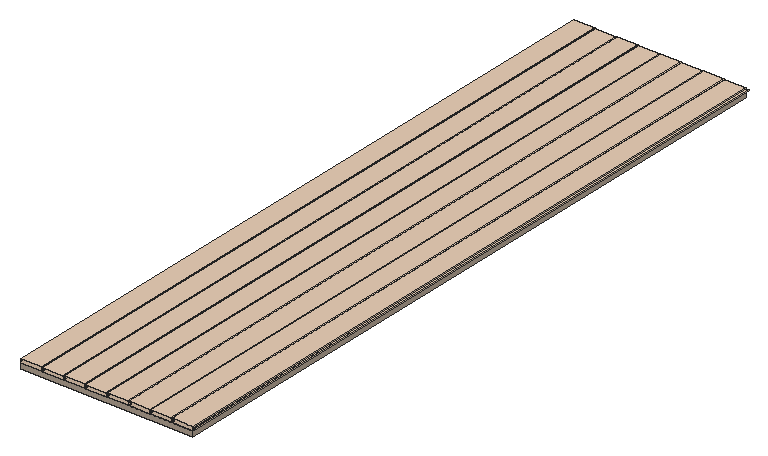
Revit family "OLYMPIA 24 X 96", category Generic Models, host Face, Revit 2023
Family settings
  Host = Face
  Can host rebar = No
  Round Connector Dimension = Use Diameter
  Part Type = Normal
  Cut with Voids When Loaded = No
  Maintain Annotation Orientation = No
  Shared = No
  Room Calculation Point = No
Parameters (values of type "OLYMPIA 24 X 96 - SLATE")
  STICKS PER WIDTH = PANEL WIDTH / 0' 3"  # 8
  PANEL WIDTH = 2' - 0"
  PANEL MATERIAL = WF - PLYWOOD
  PANEL LENGTH = 8' - 0"
  Default Elevation = 4' - 0"
  CLADDING MATERIAL = WF - CASCADES / OLYMPIA - SLATE
  1/2 STICK = PANEL LENGTH / 2  # 4' - 0"
Types (11): name | CLADDING MATERIAL
  OLYMPIA 24 X 96 - BONE | WF - CASCADES / OLYMPIA - BONE
  OLYMPIA 24 X 96 - CITRINE | WF - CASCADES / OLYMPIA - CITRINE
  OLYMPIA 24 X 96 - AUBURN | WF - CASCADES / OLYMPIA - AUBURN
  OLYMPIA 24 X 96 - CLEAR | WF - CASCADES / OLYMPIA - CLEAR
  OLYMPIA 24 X 96 - DOVE | WF - CASCADES / OLYMPIA - DOVE
  OLYMPIA 24 X 96 - EARTHEN | WF - CASCADES / OLYMPIA - EARTHEN
  OLYMPIA 24 X 96 - ESPRESSO | WF - CASCADES / OLYMPIA - ESPRESSO
  OLYMPIA 24 X 96 - MONARCH | WF - CASCADES / OLYMPIA - MONARCH
  OLYMPIA 24 X 96 -  RAVEN | WF - CASCADES / OLYMPIA - RAVEN
  OLYMPIA 24 X 96 - SAGE | WF - CASCADES / OLYMPIA - SAGE
  OLYMPIA 24 X 96 - SLATE | WF - CASCADES / OLYMPIA - SLATE
Reference planes (in)
  plane 1 "Center (Front/Back)": y = 0
  plane 2: z = 0
  plane 3 "Center (Left/Right)": x = 0
  plane 4 "TOP OF PANEL": y = 48
  plane 5 "BTM OF PANEL": y = -48
  plane 6 "TONGUE SIDE": x = -12
  plane 7 "GROOVE SIDE": x = 12
Forms (in)
  Extrusion 1, solid, material "WF - PLYWOOD" <- "PANEL MATERIAL"
    sketch origin (-0.0625, 0, 0) x (1, 0, 0) y (0, 1, 0)
      loop
        line (-11.9375, 48) -> (-11.9375, -48) -> (12.0625, -48) -> (12.0625, 48) -> (-11.9375, 48)
    from 0 to 0.75
Dimensions and locks (in)
  equal spacing: plane 6 "TONGUE SIDE", plane 3 "Center (Left/Right)", plane 7 "GROOVE SIDE"
  "PANEL WIDTH": plane 6 "TONGUE SIDE" to plane 7 "GROOVE SIDE"
  equal spacing: plane 4 "TOP OF PANEL", plane 1 "Center (Front/Back)", plane 5 "BTM OF PANEL"
  "PANEL LENGTH": plane 4 "TOP OF PANEL" to plane 5 "BTM OF PANEL"
  plane 7 "GROOVE SIDE" to plane 6 "TONGUE SIDE" = 2' - 0"
  equal spacing: group 1, group 3, group 4, group 5, group 6, group 7, group 8, group 2  (x3)
  aligned and locked: plane 2 to host face
  aligned and locked: level to host face
  aligned and locked: Extrusion 1 to plane 5 "BTM OF PANEL"  (x3)
  aligned and locked: plane 4 "TOP OF PANEL" to Extrusion 1
  aligned and locked: Extrusion 1 to plane 6 "TONGUE SIDE"
  aligned and locked: nested 1 to plane 5 "BTM OF PANEL"
  aligned and locked: nested 1 to plane 6 "TONGUE SIDE"
  aligned and locked: plane 7 "GROOVE SIDE" to nested 2
  aligned and locked: nested 2 to plane 5 "BTM OF PANEL"
Automatic sketch dimensions
  host sketch curve to host sketch curve = 8' - 0"
  host sketch curve to host sketch curve = 12' - 7.31736"
  Extrusion 1 sketch curve to plane 5 "BTM OF PANEL" = 0' - 0"
  Extrusion 1 sketch curve to plane 6 "TONGUE SIDE" = 0' - 0"
  Extrusion 1 sketch curve to plane 7 "GROOVE SIDE" = 0' - 0"
  Extrusion 1 sketch curve to plane 4 "TOP OF PANEL" = 0' - 0"
Nested families (in)
  nested 1: "OLYMPIA CLADDING STICK" at (-10.5, 48, 0.75), type "OLYMPIA STICK - 1/2" X 3""
    with CLADDING LENGTH 8' - 0"
  nested 2: "OLYMPIA CLADDING STICK" at (10.5, 48, 0.75), type "OLYMPIA STICK - 1/2" X 3""
    with CLADDING LENGTH 8' - 0"
  nested 3: "OLYMPIA CLADDING STICK" at (-7.5, 48, 0.75), type "OLYMPIA STICK - 1/2" X 3""
    with CLADDING LENGTH 8' - 0"
  nested 4: "OLYMPIA CLADDING STICK" at (-4.5, 48, 0.75), type "OLYMPIA STICK - 1/2" X 3""
    with CLADDING LENGTH 8' - 0"
  nested 5: "OLYMPIA CLADDING STICK" at (-1.5, 48, 0.75), type "OLYMPIA STICK - 1/2" X 3""
    with CLADDING LENGTH 8' - 0"
  nested 6: "OLYMPIA CLADDING STICK" at (1.5, 48, 0.75), type "OLYMPIA STICK - 1/2" X 3""
    with CLADDING LENGTH 8' - 0"
  nested 7: "OLYMPIA CLADDING STICK" at (4.5, 48, 0.75), type "OLYMPIA STICK - 1/2" X 3""
    with CLADDING LENGTH 8' - 0"
  nested 8: "OLYMPIA CLADDING STICK" at (7.5, 48, 0.75), type "OLYMPIA STICK - 1/2" X 3""
    with CLADDING LENGTH 8' - 0"
Definition of nested family "OLYMPIA CLADDING STICK"
  Parameters (values of type "OLYMPIA STICK - 1/2" X 3"")
    face width = 0' - 3"
    Default Elevation = 4' - 0"
    CLADDING MATERIAL = none
    CLADDING LENGTH = 1' - 6"
    5/8" STICK = no
    3/4" STICK = no
    1/2" STICK = yes
  Reference planes (in)
    plane 1 "Center (Front/Back)": y = 0
    plane 2: z = 0
    plane 3 "Center (Left/Right)": x = 0
  Forms (in)
    Extrusion 1, solid
      sketch origin (0, 0, 0) x (1, 0, 0) y (0, 1, 0)
        loop
          line (-48, 48) -> (-48, -48) -> (48, -48) -> (48, 48) -> (-48, 48)
      from 0 to -12
    Extrusion 2, solid, material <- "CLADDING MATERIAL", visible <- "1/2" STICK"
      sketch origin (0, 0, 0) x (1, 0, 0) y (0, 0, 1)
        loop
          line (1.5, 0) -> (1.5, 0.15625) -> (1.78125, 0.17187) -> (1.78125, 0.32812) -> (1.5, 0.34375) -> (1.5, 0.4375) -> (1.4375, 0.5) -> (-1.4375, 0.5) -> (-1.5, 0.4375) -> (-1.5, 0.34375) -> (-1.21875, 0.34375) -> (-1.21875, 0.15625) -> (-1.4375, 0.15625) -> (-1.4375, 0) -> (1.5, 0)
      from 0 to 18 <- "CLADDING LENGTH"
  Dimensions and locks (in)
    Extrusion 2 sketch curve to Extrusion 2 sketch curve = 0' - 3"
    aligned and locked: plane 2 to Extrusion 1
    aligned and locked: level to Extrusion 1
